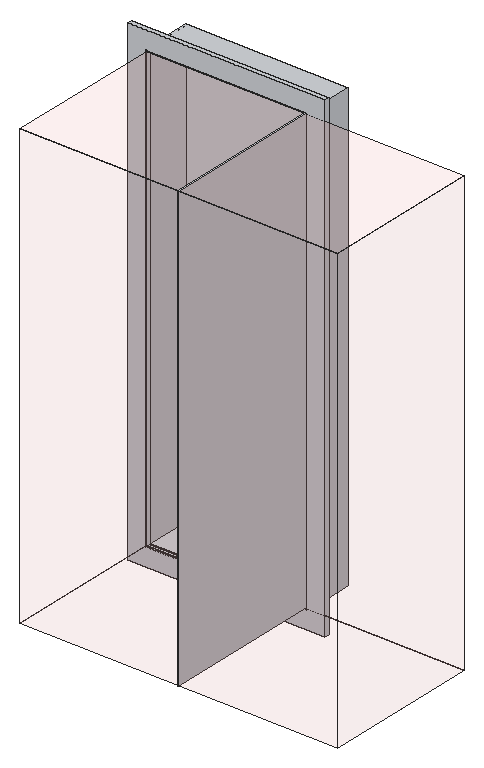
Revit family "Hager-VOLTA-Flush_mounted-IP30-With_Cover-With_DIN-NoHosted-AT-de", category Electrical Equipment, Revit 2023
Family settings
  Panel Configuration = Two Columns, Circuits Across
  Round Connector Dimension = Use Diameter
  Part Type = Panelboard
  Work Plane-Based = Yes
  Always vertical = Yes
  Cut with Voids When Loaded = No
  Maintain Annotation Orientation = No
  Shared = No
  Room Calculation Point = No
Parameters (values of type "VOLTA-Flush_mounted_W348_H880_D98_12_Modular_Spacing-VU60NWB")
  Width Control [instance] = if([HG000006-Unterputz], if([EF000846 - Einbaubreite] > min_whd, [EF000846 - Einbaubreite], min_whd), if([EF000008 - Breite] > min_whd, ([EF000008 - Breite]), min_whd))  # 314.5 mm
  Void Depth [instance] = if([EF000218 - Einbautiefe] > 1 mm, [EF000218 - Einbautiefe], 1 mm)  # 89 mm
  Uniformat code = "D501001"
  Uniformat = "Low Tension Service & Dist."
  Référence = ""
  HGEF0002950-Breite in Teilungseinheiten = 12
  HGEF000266-Anzahl der Reihen = 0
  HG000131 - Functional label [instance] = ""
  HG000130 - Functional name [instance] = ""
  HG000099-Onfly Template ID-de-AT = "507532"
  HG000059-Operating voltage-de-AT [instance] = 230 V
  HG000017-Distanz zwischen den Polen = 18 mm
  HG000016-3D-Türsichtbarkeit = yes
  HG000015-Sichtbarkeit der Türöffnung = yes
  HG000014-Tür rechts = yes
  HG000013-Tür links = no
  HG000012-Türschwenkwinkel = 90.00°
  HG000011-Leere Reihen von unten = no
  HG000010-Asymmetrische Türen = no
  HG000009-Doppelflügeligen Tür = no
  HG000008-Anzahl der leeren Reihen = 0
  HG000007-Anzahl der leeren Spalten = 0
  HG000006-Unterputz = yes
  HG000005-Dicke = 2 mm
  HG000004-Herstellerreferenz = "VU60NWB"
  HG000003-Bereich = "VOLTA"
  HG000002-Mit tür = yes
  HG000001-Anzahl der Spalten = 0
  ETIM class name = "Small distribution board"
  ETIM class code = "EC000214"
  EF015941 - Signaldurchlassende Tür = no
  EF015777 - Neutralleiterklemmenblock = no
  EF015776 - Erdungsklemmenblock = no
  EF009212 - Ausführung Deckel = "mit Ausschnitt"
  EF006306 - Mit Schloss = no
  EF006244 - Transparenter Deckel/Tür = no
  EF005474 - Schutzart (IP) = "IP30"
  EF004464 - Art der Tür = ""
  EF004462 - Art der Schließung = "sonstige"
  EF002950 - Breite in Teilungseinheiten = 12
  EF001596 - Werkstoff des Gehäuses = ""
  EF001134 - DIN-Schiene = yes
  EF001131 - Innentiefe = 0 mm
  EF001088 - Anbaumöglichkeit = yes
  EF001062 - EMV-Ausführung = no
  EF000846 - Einbaubreite = 314.5 mm
  EF000339 - Art der Abdeckung = ""
  EF000332 - Einbauhöhe = 865 mm
  EF000266 - Anzahl der Reihen = 0
  EF000218 - Einbautiefe = 89 mm
  EF000118 - Mit Montageplatte = yes
  EF000116 - RAL-Nummer = 9010
  EF000049 - Tiefe = 98 mm
  EF000040 - Höhe = 880 mm
  EF000024 - UV-beständig = no
  EF000008 - Breite = 348 mm
  EF000007 - Farbe = "weiß"
  EF000003 - Montageart = "Unterputz"
  Type Comments = ""
  System Height [instance] = Height Control - 2 * [HG000005-Dicke]  # 861 mm
  Reference description = ""
  Reference = "VOLTA-Flush_mounted_W348_H880_D98_12_Modular_Spacing-VU60NWB"
  Panel Name [instance] = ""  # (empty or 0)
  Offset [instance] = 0 mm
  Object type = ""
  Name hager = "ADD_Enclosures_EC000214"
  Name BIM&CO = "Electricity"
  Name = "VOLTA-Flush_mounted-IP30-With_Cover-With_DIN-AT"
  Model = ""
  Level Offset [instance] = [Flush Mounted - Door Frame Width] + Offset  # 15 mm
  HG000060-RAL-number = "9010"
  GTIN (Global Trade Item Number) = ""
  Description = ""
  Default Elevation = 1200 mm
  Creation Date = "12/15/2025 21:41:57"
  Code hager = "ADD-EC000214_EU"
  Code Uniformat = ""
  BIM&CO code = ""
  BC_VARIANT_ID = "1174040"
  BC_OBJECT_VERSION = "#3"  # constant formula
  BC_OBJECT_ID = "513454"  # constant formula
  BC_MODEL_ID = "1547046"  # constant formula
  BC_METADATA = "{\"ObjectGuid\":\"bc35c96e-cb38-443e-833d-0616858cb9ac\",\"ModelGuid\":\"8af03f69-2293-4735-a617-cc53adf55621\",\"VariantGuid\":\"8b6e323b-1b53-409a-a940-11b5a7fc5337\",\"Revision\":\"#4\",\"VariantName\":\"Template-Enclosure_EU-EC000214\"}"
  Arrow Offset [instance] = Depth Control / 8  # 11.125 mm
  Arrow Height [instance] = Depth Control - Arrow Offset  # 77.875 mm
  Host Offset [instance] = if([HG000006-Unterputz], 0 mm, [EF000049 - Tiefe])  # 0 mm
  min_whd [instance] = (2 * [HG000005-Dicke]) + 1 mm  # 5 mm
  Manufacturer = "Hager"  # constant formula
  Height Control [instance] = if([HG000006-Unterputz], if([EF000332 - Einbauhöhe] > min_whd, [EF000332 - Einbauhöhe], min_whd), if([EF000040 - Höhe] > min_whd, ([EF000040 - Höhe]), min_whd))  # 865 mm
  Flush Mounted - Door Frame Width [instance] = if(([EF000040 - Höhe] - [EF000332 - Einbauhöhe]) > 0 mm, if([HG000006-Unterputz], [EF000040 - Höhe] - [EF000332 - Einbauhöhe], 0 mm), 0 mm)  # 15 mm
  Depth Control [instance] = if([HG000006-Unterputz], if([EF000218 - Einbautiefe] > 0 mm, [EF000218 - Einbautiefe], 1 mm), if([EF000049 - Tiefe] > 0 mm, ([EF000049 - Tiefe]), 1 mm))  # 89 mm
Types (15, lengths in mm): name | HGEF000266-Anzahl der Reihen | HG000011-Leere Reihen von unten | HG000008-Anzahl der leeren Reihen | HG000004-Herstellerreferenz | HG000001-Anzahl der Spalten | EF015941 - Signaldurchlassende Tür | EF015777 - Neutralleiterklemmenblock | EF015776 - Erdungsklemmenblock | EF009212 - Ausführung Deckel | EF004462 - Art der Schließung | EF001088 - Anbaumöglichkeit | EF000332 - Einbauhöhe | EF000266 - Anzahl der Reihen | EF000118 - Mit Montageplatte | EF000040 - Höhe | EF000007 - Farbe | System Height | Reference | Level Offset | BC_VARIANT_ID | Height Control | Flush Mounted - Door Frame Width
  VOLTA-Flush_mounted_W348_H356_D98_12_Modular_Spacing-VU12AT | 1 | no | 0 | "VU12AT" | 1 | no | yes | yes | "mit Ausschnitt" | "sonstige" | yes | 321 | 1 | no | 356 | "weiß" | 317 | "VOLTA-Flush_mounted_W348_H356_D98_12_Modular_Spacing-VU12AT" | 35 | "1174021" | 321 | 35
  VOLTA-Flush_mounted_W348_H505_D98_12_Modular_Spacing-VU24AT | 2 | no | 0 | "VU24AT" | 1 | no | yes | yes | "mit Ausschnitt" | "sonstige" | yes | 470 | 2 | no | 505 | "weiß" | 466 | "VOLTA-Flush_mounted_W348_H505_D98_12_Modular_Spacing-VU24AT" | 35 | "1174022" | 470 | 35
  VOLTA-Flush_mounted_W348_H505_D98_12_Modular_Spacing-VU24NWB | 0 | no | 0 | "VU24NWB" | 0 | no | no | no | "mit Ausschnitt" | "sonstige" | yes | 470 | 0 | yes | 505 | "weiß" | 466 | "VOLTA-Flush_mounted_W348_H505_D98_12_Modular_Spacing-VU24NWB" | 35 | "1174023" | 470 | 35
  VOLTA-Flush_mounted_W348_H630_D98_12_Modular_Spacing-VU36AT | 3 | no | 0 | "VU36AT" | 1 | no | yes | yes | "mit Ausschnitt" | "sonstige" | yes | 595 | 3 | no | 630 | "weiß" | 591 | "VOLTA-Flush_mounted_W348_H630_D98_12_Modular_Spacing-VU36AT" | 35 | "1174024" | 595 | 35
  VOLTA-Flush_mounted_W348_H630_D98_12_Modular_Spacing-VU36CJG | 3 | no | 0 | "VU36CJG" | 1 | no | no | yes | "mit Ausschnitt" | "sonstige" | yes | 595 | 3 | no | 630 | "weiß" | 591 | "VOLTA-Flush_mounted_W348_H630_D98_12_Modular_Spacing-VU36CJG" | 35 | "1174025" | 595 | 35
  VOLTA-Flush_mounted_W348_H630_D98_12_Modular_Spacing-VU36NWB | 0 | no | 0 | "VU36NWB" | 0 | no | no | no | "mit Ausschnitt" | "sonstige" | yes | 595 | 0 | yes | 630 | "weiß" | 591 | "VOLTA-Flush_mounted_W348_H630_D98_12_Modular_Spacing-VU36NWB" | 35 | "1174026" | 595 | 35
  VOLTA-Flush_mounted_W348_H630_D98_12_Modular_Spacing-VU36WWH | 0 | no | 0 | "VU36WWH" | 0 | yes | no | no | "mit Ausschnitt" | "sonstige" | yes | 595 | 0 | yes | 630 | "weiß" | 591 | "VOLTA-Flush_mounted_W348_H630_D98_12_Modular_Spacing-VU36WWH" | 35 | "1174027" | 595 | 35
  VOLTA-Flush_mounted_W348_H755_D98_12_Modular_Spacing-VU48AT | 4 | no | 0 | "VU48AT" | 1 | no | yes | yes | "mit Ausschnitt" | "sonstige" | yes | 720 | 4 | no | 755 | "weiß" | 716 | "VOLTA-Flush_mounted_W348_H755_D98_12_Modular_Spacing-VU48AT" | 35 | "1174028" | 720 | 35
  VOLTA-Flush_mounted_W348_H755_D98_12_Modular_Spacing-VU48NWB | 0 | no | 0 | "VU48NWB" | 0 | no | no | no | "mit Ausschnitt" | "sonstige" | yes | 720 | 0 | yes | 755 | "weiß" | 716 | "VOLTA-Flush_mounted_W348_H755_D98_12_Modular_Spacing-VU48NWB" | 35 | "1174029" | 720 | 35
  VOLTA-Flush_mounted_W348_H880_D98_12_Modular_Spacing-VU602NWH | 6 | yes | 4 | "VU602NWH" | 1 | no | no | no | "" | "" | no | 865 | 6 | no | 880 | "" | 861 | "VOLTA-Flush_mounted_W348_H880_D98_12_Modular_Spacing-VU602NWH" | 15 | "1174031" | 865 | 15
  VOLTA-Flush_mounted_W348_H880_D98_12_Modular_Spacing-VU602WWH | 6 | yes | 4 | "VU602WWH" | 1 | no | no | no | "" | "" | no | 865 | 6 | no | 880 | "" | 861 | "VOLTA-Flush_mounted_W348_H880_D98_12_Modular_Spacing-VU602WWH" | 15 | "1174032" | 865 | 15
  VOLTA-Flush_mounted_W348_H880_D98_12_Modular_Spacing-VU603NWH | 6 | yes | 3 | "VU603NWH" | 1 | no | no | no | "" | "" | no | 865 | 6 | no | 880 | "" | 861 | "VOLTA-Flush_mounted_W348_H880_D98_12_Modular_Spacing-VU603NWH" | 15 | "1174034" | 865 | 15
  VOLTA-Flush_mounted_W348_H880_D98_12_Modular_Spacing-VU603WWH | 6 | yes | 3 | "VU603WWH" | 1 | no | no | no | "" | "" | no | 865 | 6 | no | 880 | "" | 861 | "VOLTA-Flush_mounted_W348_H880_D98_12_Modular_Spacing-VU603WWH" | 15 | "1174036" | 865 | 15
  VOLTA-Flush_mounted_W348_H880_D98_12_Modular_Spacing-VU60AT | 5 | no | 0 | "VU60AT" | 1 | no | yes | yes | "mit Ausschnitt" | "sonstige" | yes | 845 | 5 | no | 880 | "weiß" | 841 | "VOLTA-Flush_mounted_W348_H880_D98_12_Modular_Spacing-VU60AT" | 35 | "1174038" | 845 | 35
  VOLTA-Flush_mounted_W348_H880_D98_12_Modular_Spacing-VU60NWB | 0 | no | 0 | "VU60NWB" | 0 | no | no | no | "mit Ausschnitt" | "sonstige" | yes | 865 | 0 | yes | 880 | "weiß" | 861 | "VOLTA-Flush_mounted_W348_H880_D98_12_Modular_Spacing-VU60NWB" | 15 | "1174040" | 865 | 15
Reference planes
  plane 1 "Center (Front/Back)": y = 0
  plane 2: z = 0
  plane 3 "Center (Left/Right)": x = 0
  plane 4: y = 17
  plane 5: y = 89
  plane 6: y = 15
  plane 7: z = 0
  plane 8: x = -157.25
  plane 9: x = 157.25
  plane 10: x = 155.25
  plane 11: x = -155.25
  plane 12: z = 15
  plane 13: z = 17
  plane 14: y = 5
  plane 15: y = 0
  plane 16: y = 87
  plane 17: z = 878
  plane 18: z = 880
  plane 19: z = 447.5
  plane 20: x = 0
  plane 21: y = -100
  plane 22 "Annotation H": y = -300
  plane 23 "Annotation V": x = 357.25
Forms (mm)
  Extrusion 1, solid
    sketch origin (-208.679, -4572, 15) x (-1, 0, 0) y (0, -1, 0)
      loop
        line (-51.429, -4572) -> (-365.929, -4572) -> (-365.929, -4661) -> (-51.429, -4661) -> (-51.429, -4572)
    from 0 to 865 <- "Height Control"
  Extrusion 2, void
    sketch origin (-350.771, 0, 1219.2) x (1, 0, 0) y (0, 0, 1)
      loop
        line (195.521, -341.2) -> (195.521, -1202.2) -> (506.021, -1202.2) -> (506.021, -341.2) -> (195.521, -341.2)
    from 0 to -87
  Extrusion 3, solid, detail levels coarse+medium
    sketch origin (-350.771, 0, 1219.2) x (-1, 0, 0) y (0, 0, 1)
      loop
        line (-195.521, -341.2) -> (-506.021, -341.2) -> (-506.021, -1202.2) -> (-195.521, -1202.2) -> (-195.521, -341.2)
    from 0 to 2 <- "HG000005-Dicke"
Cuts and joins
  Extrusion 2 cuts Extrusion 1
Dimensions and locks
  "Flush Mounted - Door Frame Width": plane 1 "Center (Front/Back)" to plane 6
  "HG000005-Dicke": plane 4 to plane 6
  "HG000005-Dicke": plane 8 to plane 11
  "HG000005-Dicke": plane 9 to plane 10
  equal spacing: plane 8, plane 3 "Center (Left/Right)", plane 9
  "Width Control": plane 8 to plane 9
  locked: plane 14 to plane 15 at 5
  "Host Offset": plane 1 "Center (Front/Back)" to plane 15
  "Depth Control": plane 5 to plane 15
  "HG000005-Dicke": plane 5 to plane 16
  "HG000005-Dicke": plane 13 to plane 12
  "Level Offset": plane 12 to level
  "HG000005-Dicke": plane 18 to plane 17
  "Height Control": plane 18 to plane 12
  "Arrow Offset": plane 5 to nested 4
  equal spacing: plane 18, plane 19, plane 12
  locked: connector elem to plane 19
  locked: connector elem to plane 3 "Center (Left/Right)"
  Extrusion 2 sketch curve to Extrusion 2 sketch curve to plane 9 = 310.5 mm, 2 mm
  locked: plane 9 to plane 23 "Annotation V" at 200
  locked: plane 22 "Annotation H" to plane 1 "Center (Front/Back)" at 300
  aligned and locked: nested 1 to plane 14
  aligned and locked: plane 3 "Center (Left/Right)" to nested 1
  aligned and locked: plane 3 "Center (Left/Right)" to nested 2
  aligned and locked: nested 2 to plane 15
  aligned and locked: plane 5 to Extrusion 1
  aligned and locked: Extrusion 3 sketch curve to plane 17
  aligned and locked: Extrusion 3 sketch curve to plane 11
  aligned and locked: plane 13 to Extrusion 3 sketch curve
  aligned and locked: Extrusion 3 sketch curve to plane 10
  aligned and locked: plane 13 to Extrusion 2 sketch curve
  aligned and locked: Extrusion 2 sketch curve to plane 17
  aligned and locked: plane 16 to Extrusion 2
  aligned and locked: plane 5 to Extrusion 1 sketch curve
  aligned and locked: plane 9 to Extrusion 1 sketch curve
  aligned and locked: plane 8 to Extrusion 1 sketch curve
  aligned and locked: plane 8 to nested 4
  aligned and locked: plane 8 to nested 3
  aligned and locked: nested 3 to plane 5
  aligned and locked: Extrusion 1 sketch curve to plane 15
  aligned and locked: Extrusion 2 to plane 15
  aligned and locked: nested 5 to plane 22 "Annotation H"
  aligned and locked: plane 23 "Annotation V" to nested 5
  aligned and locked: plane 11 to Extrusion 2
  aligned and locked: plane 10 to Extrusion 2
Nested families
  nested 1: "Hager_Enclosure_System" at (0, 5, 17), Height <- "System Height", Width_Control <- "Width Control", Built-in_Width <- "EF000846 - Einbaubreite", Width <- "EF000008 - Breite", Depth <- "HG000005-Dicke", Border <- "HG000005-Dicke", Distance_Between_Poles <- "HG000017-Distanz zwischen den Polen", Flush_Mounted <- "HG000006-Unterputz", Empty_Columns <- "HG000007-Anzahl der leeren Spalten", Total_No_Empty_Rows <- "HG000008-Anzahl der leeren Reihen", Empty_Rows_From_Bottom <- "HG000011-Leere Reihen von unten", Columns_Count <- "HG000001-Anzahl der Spalten", Rows_Count <- "HGEF000266-Anzahl der Reihen", Row_Module_Multiplicator <- "HGEF0002950-Breite in Teilungseinheiten", type "Hager_Enclosure_System", detail levels medium+fine
    with Width_Control 314.5 mm, Width 348 mm, Total_No_Rows 0, Total_No_Empty_Rows 0, Total_No_Columns 1, System_Width 310.5 mm, Rows_Count 0, Rows_Column 0, Row_Module_Multiplicator 12, Panel_4 no, Panel_3 no, Panel_2 no, Panel_1 no, No_Panels_Ctrl 1, Hide_Columns yes, Height 861 mm, Flush_Mounted yes, Empty_Rows_From_Bottom no, Empty_Rows_Column 0, Empty_Columns 0, Empty column 4 0, Empty column 3 0, Empty column 2 0, Empty column 1 0, Distance_Between_Poles 18 mm, Depth 2 mm, Columns_Count 0, Column_Width 310.5 mm, Built-in_Width 314.5 mm, Border 2 mm
  nested 2: "Hager_Enclosure_Door" at (0, 0, 15), Height_Ctrl <- "Height Control", Width_Ctrl <- "Width Control", BuiltIn_Depth <- "EF000218 - Einbautiefe", Depth <- "EF000049 - Tiefe", BuiltIn_Width <- "EF000846 - Einbaubreite", Height <- "EF000040 - Höhe", BuiltIn_Height <- "EF000332 - Einbauhöhe", Width <- "EF000008 - Breite", Transparent <- "EF006244 - Transparenter Deckel/Tür", Border <- "HG000005-Dicke", Door <- "HG000002-Mit tür", Flush_Mounted <- "HG000006-Unterputz", Double <- "HG000009-Doppelflügeligen Tür", Assymetrical <- "HG000010-Asymmetrische Türen", Angle <- "HG000012-Türschwenkwinkel", Door_Left <- "HG000013-Tür links", Door_Right <- "HG000014-Tür rechts", Clearance <- "HG000015-Sichtbarkeit der Türöffnung", 3d_Door <- "HG000016-3D-Türsichtbarkeit", type "Hager_Enclosure_Door", detail levels medium+fine
    with min_wh 5 mm, Width_Ctrl 314.5 mm, Width 348 mm, Transparent_Door_No_Bottom_Border no, Transparent no, Leaf_Width 307.5 mm, Leaf_Tolerance 1.5 mm, Leaf_Height 858 mm, Leaf_2_Width 307.5 mm, Leaf_2_Offset 153.75 mm, Leaf_1_Width 307.5 mm, Leaf_1_Offset 153.75 mm, Height_Ctrl 865 mm, Height 880 mm, Frame_Width_Ctrl 33.5 mm, Frame_Width 33.5 mm, Frame_Internal_Offset 2 mm, Frame_Height_Ctrl 15 mm, Frame_Height 15 mm, Frame_Depth_Ctrl 9 mm, Frame_Depth 9 mm, Flush_Mounted yes, Double_Clearance_Ctrl no, Double no, Door_Right_Ctrl yes, Door_Right yes, Door_Left_Ctrl no, Door_Left no, Door yes, Depth 98 mm, Clearance_Depth 307.5 mm, Clearance_Ctrl yes, Clearance yes, BuiltIn_Width 314.5 mm, BuiltIn_Height 865 mm, BuiltIn_Depth 89 mm, Border 2 mm, Assymetrical no, Angle 90.00°, 3d_Door yes
  nested 3: "Hager_Enclosure_Symbol_Triangle" at (-157.25, 89, 0), Depth <- "Depth Control", Width <- "Width Control", type "Hager_Enclosure_Symbol_Triangle"
    with Width_Ctrl 314.5 mm, Width 314.5 mm, Depth_Ctrl 89 mm, Depth 89 mm
  nested 4: "Hager_Enclosure_Symbol_Arrow" at (-157.25, 77.875, 0), Height <- "Arrow Height", type "Hager_Enclosure_Symbol_Arrow"
    with Width_Inside 5.841 mm, Width 70.087 mm, Height_Ctrl 77.875 mm, Height 77.875 mm
  nested 5: "Hager_Annotation-HG000130" at (357.25, -300, 0), HG000130 - Functional name <- "HG000130 - Functional name", type "Hager_Annotation-HG000130"
    with HG000130 - Functional name ""
Connectors
  electrical at (0, 89, 447.5), driven by "HG000059-Operating voltage-de-AT"
    settings: on plane 5, index 1, voltage 230 V, apparent load 0 VA, apparent load phase1 0 VA, apparent load phase2 0 VA, apparent load phase3 0 VA, power factor 1, load classification "Other", number of poles 1, system type 30, power factor state 1, is connector primary yes, connector utility no, sub classification motor no, connector description ""
Definition of nested family "Hager_Enclosure_Door"
  Parameters (values of type "Hager_Enclosure_Door")
    min_wh [instance] = (2 * Border) + 1 mm  # 11 mm
    Width_Ctrl [instance] = 400 mm
    Width [instance] = 500 mm
    Transparent_Door_No_Bottom_Border [instance] = no
    Transparent [instance] = yes
    Leaf_Width [instance] = if((Width_Ctrl - 2 * Border - 2 * Leaf_Tolerance) > 0 mm, (Width_Ctrl - 2 * Border - 2 * Leaf_Tolerance), min_wh)  # 387 mm
    Leaf_Tolerance [instance] = 1.5 mm  # constant formula
    Leaf_Height [instance] = if((Height_Ctrl - 2 * Border - 2 * Leaf_Tolerance) > 0 mm, (Height_Ctrl - 2 * Border - 2 * Leaf_Tolerance), min_wh)  # 387 mm
    Leaf_2_Width [instance] = if(and(and(Double, Assymetrical), Door_Left), (Leaf_Width / 3) - (Leaf_Tolerance / 2), if(and(and(Double, Assymetrical), Door_Right), (Leaf_Width / 3) * 2 - (Leaf_Tolerance / 2), if(and(Double, not(Assymetrical)), (Leaf_Width / 2) - Leaf_Tolerance, Leaf_Width)))  # 387 mm
    Leaf_2_Offset [instance] = if(and(Double, Assymetrical), Leaf_2_Width / 2, if(and(Double, not(Assymetrical)), Leaf_Width / 4, Leaf_Width / 2))  # 193.5 mm
    Leaf_1_Width [instance] = if(and(and(Double, Assymetrical), Door_Right), (Leaf_Width / 3) - (Leaf_Tolerance / 2), if(and(and(Double, Assymetrical), Door_Left), (Width / 3) * 2 - (Leaf_Tolerance / 2), if(and(Double, not(Assymetrical)), (Leaf_Width / 2) - Leaf_Tolerance, Leaf_Width)))  # 387 mm
    Leaf_1_Offset [instance] = if(and(Double, Assymetrical), Leaf_1_Width / 2, if(and(Double, not(Assymetrical)), Leaf_Width / 4, Leaf_Width / 2))  # 193.5 mm
    Height_Ctrl [instance] = 400 mm
    Height [instance] = 500 mm
    Frame_Width_Ctrl [instance] = if(Frame_Width > 0 mm, Frame_Width, 1 mm)  # 1 mm
    Frame_Width [instance] = Width - BuiltIn_Width  # 0 mm
    Frame_Internal_Offset [instance] = if(Flush_Mounted, Border, 0 mm)  # 5 mm
    Frame_Height_Ctrl [instance] = if(Frame_Height > 0 mm, Frame_Height, 1 mm)  # 1 mm
    Frame_Height [instance] = Height - BuiltIn_Height  # 0 mm
    Frame_Depth_Ctrl [instance] = if(Frame_Depth > 0 mm, Frame_Depth, 1 mm)  # 1 mm
    Frame_Depth [instance] = if(Depth - BuiltIn_Depth > 0 mm, if(Flush_Mounted, Depth - BuiltIn_Depth, 0 mm), 0 mm)  # 0 mm
    Flush_Mounted [instance] = yes
    Double_Clearance_Ctrl [instance] = and(Double, Clearance)  # no
    Double [instance] = no
    Door_Right_Ctrl [instance] = and(or(Door_Right, Double), Door)  # yes
    Door_Right [instance] = yes
    Door_Left_Ctrl [instance] = and(or(Door_Left, Double), Door)  # no
    Door_Left [instance] = no
    Door [instance] = yes
    Depth [instance] = 500 mm
    Default Elevation = 1219.2 mm
    Clearance_Material = none
    Clearance_Depth [instance] = if(Leaf_1_Width > Leaf_2_Width, Leaf_1_Width, Leaf_2_Width)  # 387 mm
    Clearance_Ctrl [instance] = and(not(Double), Clearance)  # yes
    Clearance [instance] = yes
    BuiltIn_Width [instance] = 500 mm
    BuiltIn_Height [instance] = 500 mm
    BuiltIn_Depth [instance] = 500 mm
    Border [instance] = 5 mm
    Assymetrical [instance] = yes
    Angle [instance] = 30.00°
    3d_Door [instance] = yes
  Reference planes
    plane 1 "Center (Front/Back)": y = 0
    plane 2 "Bottom": z = 0
    plane 3 "Center (Left/Right)": x = 0
    plane 4: z = 400
    plane 5: x = -200
    plane 6: x = 200
    plane 7: z = 395
    plane 8: x = -195
    plane 9: z = 5
    plane 10: x = 195
    plane 11: y = 0
    plane 12: z = 6.5
    plane 13: x = -582
    plane 14: y = -387
    plane 15: x = 582
    plane 16: x = 0
    plane 17: x = 0
    plane 18: x = -193.5
    plane 19: x = 193.5
    plane 20: z = 393.5
  Forms (mm)
    Extrusion 1, solid, visible <- "Flush_Mounted"
      sketch origin (0, 0, 0) x (1, 0, 0) y (0, 0, 1)
        loop
          line (195, 5) -> (195, 395) -> (-195, 395) -> (-195, 5) -> (195, 5)
        loop
          line (-201, 401) -> (-201, -1) -> (201, -1) -> (201, 401) -> (-201, 401)
      from 0 to 1 <- "Frame_Depth_Ctrl"
    Extrusion 2, solid, material <- "Clearance_Material", visible <- "Double_Clearance_Ctrl"
      sketch origin (1200, 0, 0) x (1, 0, 0) y (0, 0, -1)
        loop
          line (-1782, -393.5) -> (-618, -393.5) -> (-618, 0) -> (-1782, 0) -> (-1782, -393.5)
      from 0 to -387
  Dimensions and locks
    equal spacing: plane 5, plane 3 "Center (Left/Right)", plane 6
    "Width_Ctrl": plane 5 to plane 6
    "Border": plane 5 to plane 8
    "Border": plane 6 to plane 10
    "Border": plane 9 to level
    "Border": plane 4 to plane 7
    "Height_Ctrl": plane 4 to level
    "Leaf_Tolerance": plane 12 to plane 9
    "Frame_Depth": plane 11 to plane 1 "Center (Front/Back)"
    "Frame_Width_Ctrl": plane 5 to Extrusion 1 sketch curve
    "Frame_Width_Ctrl": plane 6 to Extrusion 1 sketch curve
    "Frame_Width_Ctrl": Extrusion 1 sketch curve to plane 4
    "Frame_Width_Ctrl": plane 2 "Bottom" to Extrusion 1 sketch curve
    "Leaf_1_Offset": plane 18 to plane 16
    "Leaf_2_Offset": plane 17 to plane 19
    "Leaf_1_Width": plane 13 to plane 8
    "Leaf_2_Width": plane 10 to plane 15
    "Clearance_Depth": plane 14 to plane 1 "Center (Front/Back)"
    "Leaf_Tolerance": plane 8 to plane 18
    "Leaf_Tolerance": plane 19 to plane 10
    "Leaf_Tolerance": plane 7 to plane 20
    "Frame_Internal_Offset": plane 5 to Extrusion 1 sketch curve
    "Frame_Internal_Offset": Extrusion 1 sketch curve to plane 2 "Bottom"
    "Frame_Internal_Offset": plane 6 to Extrusion 1 sketch curve
    "Frame_Internal_Offset": plane 4 to Extrusion 1 sketch curve
    aligned and locked: level to plane 2 "Bottom"
    aligned and locked: nested 1 to plane 16
    aligned and locked: nested 2 to plane 17
    aligned and locked: Extrusion 2 to plane 13
    aligned and locked: plane 15 to Extrusion 2
    aligned and locked: Extrusion 2 to plane 14
    aligned and locked: plane 12 to nested 1
    aligned and locked: nested 2 to plane 12
    aligned and locked: Extrusion 2 to plane 11
    aligned and locked: plane 20 to Extrusion 2
    aligned and locked: nested 2 to plane 11
    aligned and locked: nested 1 to plane 11
  Automatic sketch dimensions
    Extrusion 2 sketch curve to level = 0 mm
    plane 5 to Extrusion 2 sketch curve = 382 mm
    plane 6 to Extrusion 2 sketch curve = 382 mm
    Extrusion 2 sketch curve to plane 4 = 6.5 mm
  Nested families
    nested 1: "Hager_Enclosure_Door_Leaf" at (0, 0, 6.5), Width <- "Leaf_1_Width", visible <- "Door_Left_Ctrl", Leaf_Height <- "Leaf_Height", Angle <- "Angle", Depth <- "Border", 3d_Door <- "3d_Door", Transparent <- "Transparent", Clearance Material <- "Clearance_Material", Clearance <- "Clearance_Ctrl", Transparent_Door_No_Bottom_Border <- "Transparent_Door_No_Bottom_Border", type "Hager_Enclosure_Door_Leaf"
      with Width 387 mm, Transparent_Door_No_Bottom_Border no, Transparent_Door_Border_Bottom_Top 25 mm, Transparent_Door_Border 25 mm, Transparent_Ctrl yes, Transparent yes, Standard no, Leaf_Height 387 mm, Glass_Offset 1 mm, Depth 5 mm, Clearance Material none, Clearance yes, Angle_Ctrl 30.00°, Angle 30.00°, 3d_Door yes
    nested 2: "Hager_Enclosure_Door_Leaf" at (0, 0, 6.5) x (-1, 0, 0) z (0, 0, 1), Width <- "Leaf_2_Width", visible <- "Door_Right_Ctrl", Leaf_Height <- "Leaf_Height", Angle <- "Angle", Depth <- "Border", 3d_Door <- "3d_Door", Transparent <- "Transparent", Clearance Material <- "Clearance_Material", Clearance <- "Clearance_Ctrl", Transparent_Door_No_Bottom_Border <- "Transparent_Door_No_Bottom_Border", type "Hager_Enclosure_Door_Leaf"
      with Width 387 mm, Transparent_Door_No_Bottom_Border no, Transparent_Door_Border_Bottom_Top 25 mm, Transparent_Door_Border 25 mm, Transparent_Ctrl yes, Transparent yes, Standard no, Leaf_Height 387 mm, Glass_Offset 1 mm, Depth 5 mm, Clearance Material none, Clearance yes, Angle_Ctrl 30.00°, Angle 30.00°, 3d_Door yes
  Definition of nested family "Hager_Enclosure_Door_Leaf"
    Parameters (values of type "Hager_Enclosure_Door_Leaf")
      Width [instance] = 2000 mm
      Transparent_Door_No_Bottom_Border [instance] = yes
      Transparent_Door_Border_Bottom_Top [instance] = if(Transparent_Door_No_Bottom_Border, 0.1 mm, Transparent_Door_Border)  # 0.1 mm
      Transparent_Door_Border [instance] = if(Transparent_Door_No_Bottom_Border, (Width * 0.12), 25 mm)  # 240 mm
      Transparent_Ctrl [instance] = and(Transparent, [3d_Door])  # yes
      Transparent [instance] = yes
      Standard [instance] = and(not(Transparent), [3d_Door])  # no
      Leaf_Height [instance] = 2720.336 mm
      Glass_Offset [instance] = if((Depth - 10 mm) / 2 > 0 mm, (Depth - 10 mm) / 2, 1 mm)  # 15 mm
      Glass_Material = none
      Depth [instance] = 40 mm
      Default Elevation = 0 mm
      Clearance Material [instance] = none
      Clearance [instance] = yes
      Angle_Ctrl [instance] = if(Angle > 170.00°, 170.00°, Angle)  # 45.00°
      Angle [instance] = 45.00°
      3d_Door [instance] = yes
    Reference planes
      plane 1 "Center (Front/Back)": y = 0
      plane 2: z = 0
      plane 3 "Center (Left/Right)": x = 0
      plane 4: y = 2000
      plane 5: x = -1000
      plane 6: x = 1000
      plane 7: x = -3000
      plane 8: z = 2720.336
      plane 9: z = 0.1
      plane 10: z = 2720.236
      plane 11: x = 760
      plane 12: x = -760
    Forms (mm)
      Extrusion 1, solid, material <- "Clearance Material", visible <- "Clearance"
        sketch origin (0, 0, 0) x (1, 0, 0) y (0, 0, 1)
          loop
            line (-3000, 2720.336) -> (-3000, 0) -> (1000, 0) -> (1000, 2720.336) -> (-3000, 2720.336)
        from 0 to -2000
      Extrusion 2, solid, visible <- "Standard", detail levels medium+fine
        sketch origin (-1000, 0, 0) x (0.707107, 0.707107, 0) y (-0.707107, 0.707107, 0)
          loop
            line (0, -40) -> (2000, -40) -> (2000, 0) -> (0, 0) -> (0, -40)
        from 0 to 2720.336 <- "Leaf_Height"
      Extrusion 3, solid, visible <- "Transparent_Ctrl", detail levels medium+fine
        sketch origin (-1000, 0, 0) x (0.707107, 0.707107, 0) y (-0.707107, 0.707107, 0)
          loop
            line (0, -40) -> (2000, -40) -> (2000, 0) -> (0, 0) -> (0, -40)
        from 0 to 2720.336 <- "Leaf_Height"
      Extrusion 4, void, detail levels medium+fine
        sketch origin (-1000, 0, 0) x (-0.707107, 0.707107, 0) y (0.707107, 0.707107, 0)
          loop
            line (0, 240) -> (0, 1760) -> (-40, 1760) -> (-40, 240) -> (0, 240)
        from -2720.236 to -0.1
      Extrusion 5, solid, material <- "Glass_Material", visible <- "Transparent_Ctrl", detail levels medium+fine
        sketch origin (-1000, 0, 0) x (0.707107, 0.707107, 0) y (-0.707107, 0.707107, 0)
          loop
            line (240, -15) -> (240, -25) -> (1760, -25) -> (1760, -15) -> (240, -15)
        from 0.1 to 2720.236
    Cuts and joins
      Extrusion 4 cuts Extrusion 3
    Lines and regions (mm)
      symbolic lines
        curve 1: line (1000, 0, 0) -> (-3000, 0, 0)
        curve 2: arc (1000, 0, 0) -> (-1000, 2000, 0) -> (-3000, 0, 0) r 2000
        curve 4: line (-1000, 0, 0) -> (414.214, 1414.214, 0)
      reference lines
        curve 3: line (-1000, 0, 0) -> (414.214, 1414.214, 0)
      symbolic lines, detail levels medium+fine
        curve 5: line (414.214, 1414.214, 0) -> (442.498, 1385.929, 0)
        curve 6: line (442.498, 1385.929, 0) -> (-971.716, -28.284, 0)
        curve 7: line (-971.716, -28.284, 0) -> (-1000, 0, 0)
        curve 8: line (-1000, 0, 2720.336) -> (1000, 0, 2720.336)
        curve 9: line (-1000, 0, 0) -> (-1000, 0, 2720.336)
        curve 10: line (1000, 0, 0) -> (-1000, 0, 0)
        curve 11: line (1000, 0, 2720.336) -> (1000, 0, 0)
      symbolic lines, visible <- "Transparent_Ctrl", detail levels medium+fine
        curve 12: line (-760, 0, 2720.236) -> (760, 0, 2720.236)
        curve 13: line (-760, 0, 0.1) -> (-760, 0, 2720.236)
        curve 14: line (760, 0, 0.1) -> (-760, 0, 0.1)
        curve 15: line (760, 0, 2720.236) -> (760, 0, 0.1)
    Dimensions and locks
      "Width": plane 1 "Center (Front/Back)" to plane 4
      equal spacing: plane 5, plane 3 "Center (Left/Right)", plane 6
      "Width": plane 5 to plane 6
      "Width": plane 7 to plane 5
      "Leaf_Height": plane 8 to level
      "Depth": curve 6 to curve 3
      "Width": curve 5 to curve 3
      "Width": curve 3 to curve 3
      "Transparent_Door_Border": Extrusion 4 sketch curve to curve 7
      "Transparent_Door_Border": Extrusion 4 sketch curve to curve 5
      "Transparent_Door_Border_Bottom_Top": plane 8 to plane 10
      "Transparent_Door_Border_Bottom_Top": plane 9 to level
      "Glass_Offset": Extrusion 5 sketch curve to curve 4
      "Glass_Offset": Extrusion 5 sketch curve to curve 6
      "Transparent_Door_Border": Extrusion 5 sketch curve to curve 5
      "Transparent_Door_Border": Extrusion 5 sketch curve to curve 7
      "Transparent_Door_Border": plane 12 to plane 5
      "Transparent_Door_Border": plane 6 to plane 11
      "Angle_Ctrl": angle plane 1 "Center (Front/Back)" to curve 3
      aligned and locked: level to plane 2
      aligned and locked: Extrusion 1 to curve 1
      aligned and locked: plane 6 to Extrusion 1
      aligned and locked: Extrusion 1 to plane 1 "Center (Front/Back)"
      aligned and locked: plane 4 to Extrusion 1
      aligned and locked: plane 8 to Extrusion 1
      aligned and locked: curve 4 to curve 3
      aligned and locked: Extrusion 2 sketch curve to curve 7
      aligned and locked: Extrusion 2 sketch curve to curve 6
      aligned and locked: Extrusion 2 sketch curve to curve 5
      aligned and locked: Extrusion 2 sketch curve to curve 3
      aligned and locked: curve 7 to Extrusion 3 sketch curve
      aligned and locked: Extrusion 3 sketch curve to curve 4
      aligned and locked: Extrusion 3 sketch curve to curve 6
      aligned and locked: Extrusion 3 sketch curve to curve 5
      aligned and locked: curve 4 to Extrusion 4 sketch curve
      aligned and locked: curve 6 to Extrusion 4 sketch curve
      aligned and locked: Extrusion 4 to plane 9
      aligned and locked: Extrusion 4 to plane 10
      aligned and locked: Extrusion 5 to plane 9
      aligned and locked: Extrusion 5 to plane 10
      aligned and locked: curve 8 to plane 8
      aligned and locked: plane 5 to curve 9
      aligned and locked: plane 2 to curve 10
      aligned and locked: curve 11 to plane 6
      aligned and locked: plane 10 to curve 12
      aligned and locked: plane 12 to curve 13
      aligned and locked: curve 14 to plane 9
      aligned and locked: plane 11 to curve 15
    Automatic sketch dimensions
      plane 1 "Center (Front/Back)" to curve 2 = 0 mm
      curve 2 to plane 5 = 0 mm
      Extrusion 1 sketch curve to level = 0 mm
      Extrusion 1 sketch curve to plane 7 = 0 mm
      Extrusion 1 sketch curve to plane 6 = 0 mm
      Extrusion 1 sketch curve to plane 8 = 0 mm
      plane 1 "Center (Front/Back)" to curve 3 = 0 mm
      curve 3 to plane 5 = 0 mm
      curve 7 to curve 3 = 0 mm
Definition of nested family "Hager_Enclosure_Symbol_Triangle"
  Parameters (values of type "Hager_Enclosure_Symbol_Triangle")
    Width_Ctrl [instance] = if(Width > 1 mm, Width, 1 mm)  # 498 mm
    Width [instance] = 498 mm
    Depth_Ctrl [instance] = if(Depth > 1 mm, Depth, 1 mm)  # 72 mm
    Depth [instance] = 72 mm
  Reference planes
    plane 1 "Centre (avant/arrière)": y = 0
    plane 2: z = 0
    plane 3 "Centre (gauche/droite)": x = 0
  Lines and regions (mm)
    Filled region 1, type "Solid_Black", in view "Niveau de réf."
      outline origin (0, 0, 0) x (1, 0, 0) y (0, 1, 0)
        loop
          line (0, 0) -> (498, 0) -> (498, 72) -> (0, 0)
    reference lines, in view "Niveau de réf."
      curve 1: line (-206.153, 72, 0) -> (1083.258, 72, 0)
      curve 2: line (498, 405.456, 0) -> (498, -517.619, 0)
  Dimensions and locks
    "Depth_Ctrl": plane 1 "Centre (avant/arrière)" to curve 1
    "Width_Ctrl": plane 3 "Centre (gauche/droite)" to curve 2
    aligned and locked: curve 1 to Filled region 1 sketch curve
    aligned and locked: Filled region 1 sketch curve to plane 1 "Centre (avant/arrière)"
    aligned and locked: curve 2 to Filled region 1 sketch curve
    aligned and locked: plane 3 "Centre (gauche/droite)" to Filled region 1 sketch curve
    aligned and locked: plane 1 "Centre (avant/arrière)" to Filled region 1 sketch curve
  Automatic sketch dimensions
    curve 1 to plane 3 "Centre (gauche/droite)" = 206.153 mm
    curve 2 to curve 1 = 585.258 mm
    plane 1 "Centre (avant/arrière)" to curve 2 = 517.619 mm
    curve 2 to plane 1 "Centre (avant/arrière)" = 405.456 mm
Definition of nested family "Hager_Enclosure_Symbol_Arrow"
  Parameters (values of type "Hager_Enclosure_Symbol_Arrow")
    Width_Inside [instance] = if(Width / 12 > 2 mm, Width / 12, 2 mm)  # 4.987 mm
    Width [instance] = if(Height_Ctrl * 0.9 > 2 mm, Height_Ctrl * 0.9, 2 mm)  # 59.85 mm
    Height_Ctrl [instance] = if(Height > 2 mm, Height, 2 mm)  # 66.5 mm
    Height [instance] = 66.5 mm
  Reference planes
    plane 1 "Centre (avant/arrière)": y = 0
    plane 2: z = 0
    plane 3 "Centre (gauche/droite)": x = 0
    plane 4: x = 59.85
    plane 5: y = 28.263
    plane 6: y = 38.238
    plane 7: y = 66.5
    plane 8: x = 29.925
    plane 9: y = 33.25
  Lines and regions (mm)
    Filled region 1, type "Solid_Black", in view "Niveau de réf."
      outline origin (0, 0, 0) x (1, 0, 0) y (0, 1, 0)
        loop
          line (59.85, 66.5) -> (37.929, 52.827) -> (51.846, 41.935) -> (59.85, 66.5)
    detail lines, in view "Niveau de réf."
      curve 1: line (0, 0, 0) -> (29.925, 38.238, 0)
      curve 2: line (29.925, 38.238, 0) -> (29.925, 28.263, 0)
      curve 3: line (29.925, 28.263, 0) -> (59.85, 66.5, 0)
  Dimensions and locks
    "Width": plane 3 "Centre (gauche/droite)" to plane 4
    "Height_Ctrl": plane 7 to plane 1 "Centre (avant/arrière)"
    equal spacing: plane 3 "Centre (gauche/droite)", plane 8, plane 4
    equal spacing: plane 7, plane 9, plane 1 "Centre (avant/arrière)"
    equal spacing: plane 6, plane 9, plane 5
    "Width_Inside": plane 6 to plane 9
    equal spacing: curve 3, Filled region 1 sketch curve, Filled region 1 sketch curve
    angle Filled region 1 sketch curve to curve 3 = 20.00°
    angle curve 3 to Filled region 1 sketch curve = 20.00°
    locked: curve 3 to Filled region 1 sketch curve (angle 90.00°)
  Automatic sketch dimensions
    plane 1 "Centre (avant/arrière)" to curve 1 = 0 mm
    curve 1 to plane 3 "Centre (gauche/droite)" = 0 mm
    curve 2 to plane 6 = 0 mm
    curve 3 to plane 8 = 0 mm
    curve 3 to plane 4 = 0 mm
    curve 2 to plane 5 = 0 mm
    curve 3 to plane 7 = 0 mm
    Filled region 1 sketch curve to plane 4 = 0 mm
    Filled region 1 sketch curve to plane 7 = 0 mm
Definition of nested family "Hager_Annotation-HG000130"
  Parameters (values of type "Hager_Annotation-HG000130")
    HG000130 - Functional name [instance] = ""
  Reference planes
    plane 1: y = 0
    plane 2: x = 0
  Lines and regions (mm)
    detail lines
      curve 1: line (-27.5, 10, 0) -> (27.5, 10, 0)
      curve 2: line (-27.5, -10, 0) -> (-27.5, 10, 0)
      curve 3: line (27.5, -10, 0) -> (-27.5, -10, 0)
      curve 4: line (27.5, 10, 0) -> (27.5, -10, 0)
  Text (mm)
    label "HG000130 - Functional name" at (0.16, 0.026, 0), shows "HG000130 - Functional name"
